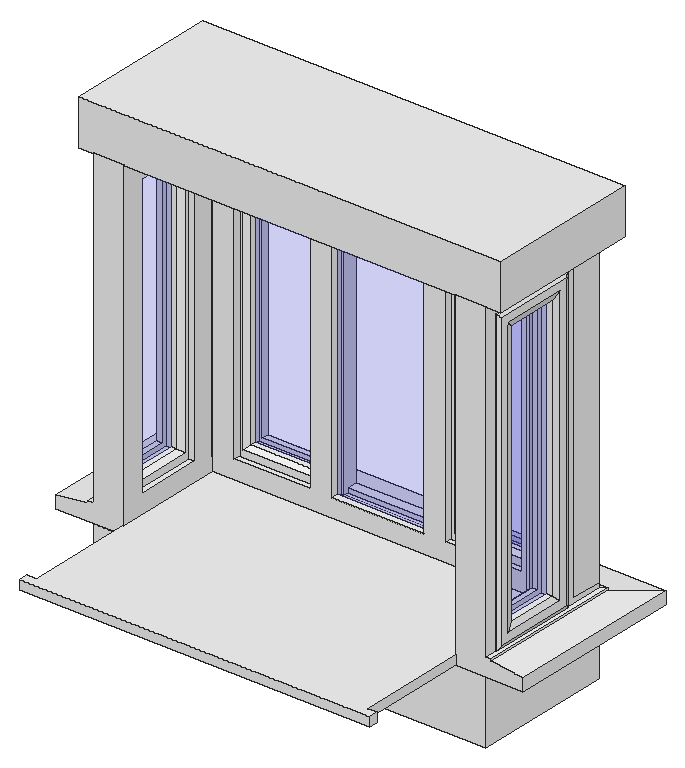
Revit family "243c68b0469945b185e5a35e247ffb0b", category Windows, host Wall, Revit 2025
Family settings
  Host = Wall
  Always vertical = Yes
  Cut with Voids When Loaded = No
  Shared = No
  Room Calculation Point = No
Parameters (values of type "910x910mm")
  Wrap Layers (Ext) from Ext = 102.5 mm
  Wrap Layers (Int) from Ext = 177.5 mm
  Window Board Projection = 25.0 mm
  Window Board Extention = 25.0 mm
  Visual Light Transmittance = 0.9
  Vis - Cavity Closers = yes
  Solar Heat Gain Coefficient = 0.78
  Rough Width = Width  # 910.0 mm
  Rough Height = Height  # 910.0 mm
  Roof Thickness = 125.0 mm
  Roof Overhang = 40.0 mm
  Plinth Thickness = 175.0 mm
  Operation = "UserDefined"
  Define Thermal Properties by = Schematic Type
  Construction Type Id = "GSP4R"
  Material Trim = Window Frame
  Material Glass = Glass
  Material Frame = Window Frame
  Manufacturer = "Revit"
  Keynote = "L10"
  Height = 910.0 mm
  Wall Closure = By host
  Width = 910.0 mm
  Heat Transfer Coefficient (U) = 3.6886 W/(m²·K)
  Glazing Thickness = 24.0 mm
  Frame Depth = 65.0 mm
  Default Head Height = 2110.0 mm
  Cill Depth = 87.5 mm
  Cavity Closer Width = 50.0 mm
  Cavity Closer Offset from Ext = 102.5 mm
  Cavity Closer Depth = 85.0 mm
  Bay Depth = Width / 3  # 303.333 mm
  Analytic Construction = "1/8 in Pilkington single glazing"
Types (7, lengths in mm): name | Rough Width | Rough Height | Height | Width | Bay Depth
  (no name) | 910.0 | 910.0 | 910.0 | 910.0 | 303.333
  910x910mm | 910.0 | 910.0 | 910.0 | 910.0 | 303.333
  910x1210mm | 910.0 | 1210.0 | 1210.0 | 910.0 | 303.333
  1360x910mm | 1360.0 | 910.0 | 910.0 | 1360.0 | 453.333
  1360x1210mm | 1360.0 | 1210.0 | 1210.0 | 1360.0 | 453.333
  1810x910mm | 1810.0 | 910.0 | 910.0 | 1810.0 | 603.333
  1810x1210mm | 1810.0 | 1210.0 | 1210.0 | 1810.0 | 603.333
Reference planes
  plane 1: y = 0
  plane 2 "Center (Left/Right)": x = -570
  plane 3 "Left": x = -1025
  plane 4 "Right": x = -115
  plane 5 "Cill": z = 1200
  plane 6 "Head": z = 2110
  plane 7 "Exterior": y = 158.457
  plane 8 "Interior": y = -141.543
  plane 9 "Wall Closure": y = 55.957
  plane 10 "Front Window Board": y = -166.543
  plane 11 "RHS Window Board": x = -90
  plane 12 "LHS Window Board": x = -1050
  plane 13 "LHS Scot Closing": x = -1455
  plane 14 "RHS Scot Closing": x = 315
  plane 15 "Ext Leaf Back": y = 55.957
  plane 16 "Top Scot Closing": z = 2110
  plane 17: y = 461.79
  plane 18: x = -721.667
  plane 19: x = -418.333
  plane 20: y = -19.043
Forms (mm)
  Extrusion 1, solid, material "Window Frame" <- "Material Trim"
    sketch origin (0, 0, 1200) x (0, -1, 0) y (-1, 0, 0)
      loop
        line (141.543, 1050) -> (141.543, 1025) -> (-461.79, 1025) -> (-461.79, 115) -> (141.543, 115) -> (141.543, 90) -> (166.543, 90) -> (166.543, 1050) -> (141.543, 1050)
    from 0 to -25
  Sweep 2, solid, material "Window Frame" <- "Material Frame"
    path origin (0, 0, 1200) x (0, -1, 0) y (1, 0, 0)
      loop
        line (-158.457, -1025) -> (-461.79, -1025) -> (-461.79, -115) -> (-158.457, -115)
    profile origin (0, 310.123, 0) x (-1, 0, 0) y (0, 0, 1)
      loop
        line (1025, 1200) -> (1210.5, 1200) -> (1210.5, 1233.809) -> (1123, 1244.745) -> (1123, 1249.688) -> (1108, 1251) -> (1108, 1263) -> (1043, 1263) -> (1043, 1275) -> (1025, 1275) -> (1025, 1200)
  Extrusion 3, solid, material "Window Frame" <- "Material Frame"
    sketch origin (0, 0, 1200) x (0, -1, 0) y (-1, 0, 0)
      loop
        line (-544.79, 1108) -> (-544.79, 1025) -> (-461.79, 1025) -> (-461.79, 1108) -> (-544.79, 1108)
      loop
        line (-544.79, 32) -> (-461.79, 32) -> (-461.79, 115) -> (-544.79, 115) -> (-544.79, 32)
    from -63 to -910
  Sweep 4, solid, material "Window Frame" <- "Material Frame"
    path origin (-1025, 0, 0) x (0, -1, 0) y (0, 0, 1)
      loop
        line (-461.79, 1263) -> (-461.79, 2110) -> (-158.457, 2110) -> (-158.457, 1263)
    profile origin (0, 0, 1686.5) x (-1, 0, 0) y (0, -1, 0)
      loop
        line (1025, -158.457) -> (1025, -218.457) -> (1043, -218.457) -> (1043, -198.457) -> (1108, -198.457) -> (1108, -158.457) -> (1025, -158.457)
  Sweep 5, solid, material "Window Frame" <- "Material Frame"
    path origin (0, 461.79, 0) x (1, 0, 0) y (0, 0, 1)
      loop
        line (-115, 1263) -> (-115, 2110) -> (-1025, 2110) -> (-1025, 1263)
    profile origin (0, 0, 1686.5) x (-1, 0, 0) y (0, -1, 0)
      loop
        line (115, -461.79) -> (115, -544.79) -> (155, -544.79) -> (155, -479.79) -> (175, -479.79) -> (175, -461.79) -> (115, -461.79)
  Sweep 6, solid, material "Window Frame" <- "Material Frame"
    path origin (-115, 0, 0) x (0, -1, 0) y (0, 0, 1)
      loop
        line (-158.457, 1263) -> (-158.457, 2110) -> (-461.79, 2110) -> (-461.79, 1263)
    profile origin (0, 0, 1686.5) x (0, 1, 0) y (-1, 0, 0)
      loop
        line (158.457, 115) -> (158.457, 32) -> (198.457, 32) -> (198.457, 97) -> (218.457, 97) -> (218.457, 115) -> (158.457, 115)
  Sweep 7, solid, material "Window Frame" <- "Material Frame"
    path origin (-1108, 544.79, 1263) x (1, 0, 0) y (0, 0, -1)
      loop
        line (953, 0) -> (704.667, 0) -> (704.667, -807) -> (953, -807) -> (953, 0)
    profile origin (0, 0, 1666.5) x (0, 1, 0) y (-1, 0, 0)
      loop
        line (544.79, 145) -> (550.563, 145) -> (556.337, 155.785) -> (556.337, 177.554) -> (550.563, 195) -> (532.79, 195) -> (532.79, 185) -> (508.79, 185) -> (508.79, 195) -> (494.283, 195) -> (479.79, 184.852) -> (479.79, 155) -> (544.79, 155) -> (544.79, 145)
  Sweep 8, solid, material "Window Frame" <- "Material Frame"
    path origin (-32, 544.79, 1263) x (0, -1, 0) y (0, 0, -1)
      loop
        line (346.333, -807) -> (346.333, 0) -> (123, 0) -> (123, -807) -> (346.333, -807)
    profile origin (0, 0, 1666.5) x (0, -1, 0) y (1, 0, 0)
      loop
        line (-188.457, -32) -> (-188.457, -26.226) -> (-199.241, -20.453) -> (-221.011, -20.453) -> (-238.457, -26.226) -> (-238.457, -44) -> (-228.457, -44) -> (-228.457, -68) -> (-238.457, -68) -> (-238.457, -82.507) -> (-228.309, -97) -> (-198.457, -97) -> (-198.457, -32) -> (-188.457, -32)
  Sweep 9, solid, material "Window Frame" <- "Material Frame"
    path origin (-1108, 421.79, 2070) x (0, -1, 0) y (0, 0, 1)
      loop
        line (0, 0) -> (0, -807) -> (223.333, -807) -> (223.333, 0) -> (0, 0)
    profile origin (0, 0, 1666.5) x (-1, 0, 0) y (0, -1, 0)
      loop
        line (1108, -188.457) -> (1108, -198.457) -> (1043, -198.457) -> (1043, -228.309) -> (1057.493, -238.457) -> (1072, -238.457) -> (1072, -228.457) -> (1096, -228.457) -> (1096, -238.457) -> (1113.774, -238.457) -> (1119.547, -221.011) -> (1119.547, -199.241) -> (1113.774, -188.457) -> (1108, -188.457)
  Extrusion 10, solid, material "Window Frame" <- "Material Frame"
    sketch origin (-115, 544.79, 2110) x (-1, 0, 0) y (0, -1, 0)
      loop
        line (1033, -40) -> (1033, 386.333) -> (-123, 386.333) -> (-123, -40) -> (1033, -40)
    from 0 to 125
  Extrusion 11, solid, material "Window Frame" <- "Material Frame"
    sketch origin (-1210.5, 158.457, 1200) x (1, 0, 0) y (0, -1, 0)
      loop
        line (1178.5, -386.333) -> (1178.5, 0) -> (102.5, 0) -> (102.5, -386.333) -> (1178.5, -386.333)
    from 0 to 175
  Extrusion 12, solid, material "Window Frame" <- "Material Frame"
    sketch origin (-44, 381.79, 1303) x (0, -1, 0) y (1, 0, 0)
      loop
        line (-80, -399.333) -> (-80, -341.333) -> (-98, -341.333) -> (-98, -359.333) -> (-163, -359.333) -> (-163, -399.333) -> (-122, -399.333) -> (-122, -389.333) -> (-98, -389.333) -> (-98, -399.333) -> (-80, -399.333)
    from -40 to 767
  Extrusion 13, solid, material "Window Frame" <- "Material Frame"
    sketch origin (-204, 963.457, 1163) x (0, -1, 0) y (1, 0, 0)
      loop
        line (501.667, -492.667) -> (483.667, -492.667) -> (483.667, -502.667) -> (459.667, -502.667) -> (459.667, -492.667) -> (418.667, -492.667) -> (418.667, -532.667) -> (483.667, -532.667) -> (483.667, -550.667) -> (501.667, -550.667) -> (501.667, -492.667)
    from 100 to 907
  Extrusion 14, solid, material "Window Frame" <- "Material Frame"
    sketch origin (-418.333, 0, -6.441) x (0, -1, 0) y (0, 0, 1)
      loop
        line (-544.79, 1281.441) -> (-544.79, 1269.441) -> (-515.79, 1269.441) -> (-515.79, 1281.441) -> (-544.79, 1281.441)
      loop
        line (-544.79, 2076.441) -> (-544.79, 2056.441) -> (-503.79, 2056.441) -> (-503.79, 2076.441) -> (-544.79, 2076.441)
    from 25 to 278.333
  Extrusion 15, solid, material "Glass" <- "Material Glass"
    sketch origin (-1096, 391.79, 2040) x (0, -1, 0) y (0, 0, -1)
      loop
        line (0, 0) -> (163.333, 0) -> (163.333, 747) -> (0, 747) -> (0, 0)
    from 0 to 24 <- "Glazing Thickness"
  Extrusion 16, solid, material "Glass" <- "Material Glass"
    sketch origin (-44, 228.457, 2040) x (0, 1, 0) y (0, 0, -1)
      loop
        line (0, 0) -> (163.333, 0) -> (163.333, 747) -> (0, 747) -> (0, 0)
    from 0 to 24 <- "Glazing Thickness"
  Extrusion 17, solid, material "Glass" <- "Material Glass"
    sketch origin (-195, 532.79, 1303) x (-1, 0, 0) y (0, 0, -1)
      loop
        line (-10, -737) -> (178.333, -737) -> (178.333, 10) -> (-10, 10) -> (-10, -737)
      loop
        line (571.667, 10) -> (571.667, -737) -> (760, -737) -> (760, 10) -> (571.667, 10)
    from 0 to 24 <- "Glazing Thickness"
  Extrusion 18, solid, material "Glass" <- "Material Glass"
    sketch origin (-1043, 479.79, 1275) x (1, 0, 0) y (0, 0, -1)
      loop
        line (609.667, -795) -> (609.667, 12) -> (336.333, 12) -> (336.333, -795) -> (609.667, -795)
    from 0 to 24 <- "Glazing Thickness"
  Sweep 19, solid, material "Window Frame" <- "Material Frame"
    path origin (-1108, 544.79, 1025) x (0, 0, 1) y (1, 0, 0)
      loop
        line (1045, 371.333) -> (238, 371.333) -> (238, 123) -> (1045, 123) -> (1045, 371.333)
    profile origin (-985, 544.79, 1666.5) x (0, 1, 0) y (-1, 0, 0)
      loop
        line (0, 10) -> (0, 0) -> (-65, 0) -> (-65, -29.852) -> (-50.507, -40) -> (-36, -40) -> (-36, -30) -> (-12, -30) -> (-12, -40) -> (5.774, -40) -> (11.547, -22.554) -> (11.547, -0.785) -> (5.774, 10) -> (0, 10)
Cuts and joins
  joined: Sweep 2, Sweep 4, Sweep 5, Sweep 6, Extrusion 12, Extrusion 13, Extrusion 14
Lines and regions (mm)
  Opening 1
    outline origin (-5000, -141.543, 0) x (1, 0, 0) y (0, 0, 1)
      loop
        line (4885, 2110) -> (3975, 2110) -> (3975, 1200) -> (4885, 1200) -> (4885, 2110)
  Masking region 1
    outline origin (0, 0, 1200) x (0, -1, 0) y (1, 0, 0)
      loop
        line (-647.29, -1210.5) -> (-158.457, -1210.5) -> (-158.457, -1025) -> (141.543, -1025) -> (141.543, -1050) -> (166.543, -1050) -> (166.543, -90) -> (141.543, -90) -> (141.543, -115) -> (-158.457, -115) -> (-158.457, 70.5) -> (-647.29, 70.5) -> (-647.29, -1210.5)
  symbolic lines, style "Elevation Swing", detail levels coarse
    curve 1: line (-1025, 108.457, 0) -> (-1025, 25.457, 0)
    curve 2: line (-115, 25.457, 0) -> (-115, 108.457, 0)
  symbolic lines, style "Cavity Closer", visible <- "Vis - Cavity Closers", detail levels medium+fine
    curve 3: line (-1025, 55.957, 0) -> (-1075, 55.957, 0)
    curve 4: line (-1025, -29.043, 0) -> (-1025, 55.957, 0)
    curve 5: line (-1075, -29.043, 0) -> (-1025, -29.043, 0)
    curve 6: line (-1075, 55.957, 0) -> (-1075, -29.043, 0)
    curve 7: line (-1025, -29.043, 0) -> (-1075, 55.957, 0)
    curve 8: line (-1075, -29.043, 0) -> (-1025, 55.957, 0)
    curve 9: line (-115, 55.957, 0) -> (-65, 55.957, 0)
    curve 10: line (-115, -29.043, 0) -> (-115, 55.957, 0)
    curve 11: line (-65, -29.043, 0) -> (-115, -29.043, 0)
    curve 12: line (-65, 55.957, 0) -> (-65, -29.043, 0)
    curve 13: line (-115, -29.043, 0) -> (-65, 55.957, 0)
    curve 14: line (-65, -29.043, 0) -> (-115, 55.957, 0)
  symbolic lines
    curve 15: line (-1210.5, 647.29, 0) -> (-1210.5, 158.457, 0)
    curve 16: line (70.5, 647.29, 0) -> (-1210.5, 647.29, 0)
    curve 17: line (70.5, 158.457, 0) -> (70.5, 647.29, 0)
    curve 18: line (-1123, 559.79, 0) -> (-1123, 158.457, 0)
    curve 19: line (-17, 559.79, 0) -> (-1123, 559.79, 0)
    curve 20: line (-17, 158.457, 0) -> (-17, 559.79, 0)
    curve 21: line (-1025, 461.79, 0) -> (-115, 461.79, 0)
    curve 22: line (-1025, 158.457, 0) -> (-1025, 461.79, 0)
    curve 23: line (-115, 461.79, 0) -> (-115, 158.457, 0)
    curve 24: line (-1025, 559.79, 0) -> (-1025, 461.79, 0)
    curve 25: line (-1025, 461.79, 0) -> (-1123, 461.79, 0)
    curve 26: line (-1025, 421.79, 0) -> (-1123, 421.79, 0)
    curve 27: line (-1123, 198.457, 0) -> (-1025, 198.457, 0)
    curve 28: line (-1072, 198.457, 0) -> (-1072, 421.79, 0)
    curve 29: line (-115, 461.79, 0) -> (-115, 559.79, 0)
    curve 30: line (-17, 461.79, 0) -> (-115, 461.79, 0)
    curve 31: line (-17, 421.79, 0) -> (-115, 421.79, 0)
    curve 32: line (-115, 198.457, 0) -> (-17, 198.457, 0)
    curve 33: line (-68, 421.79, 0) -> (-68, 198.457, 0)
    curve 34: line (-155, 461.79, 0) -> (-155, 559.79, 0)
    curve 35: line (-403.333, 508.79, 0) -> (-155, 508.79, 0)
    curve 36: line (-403.333, 559.79, 0) -> (-403.333, 461.79, 0)
    curve 37: line (-736.667, 559.79, 0) -> (-736.667, 461.79, 0)
    curve 38: line (-985, 559.79, 0) -> (-985, 461.79, 0)
    curve 39: line (-736.667, 503.79, 0) -> (-985, 503.79, 0)
    curve 46: line (-696.667, 461.79, 0) -> (-696.667, 559.79, 0)
    curve 47: line (-443.333, 508.79, 0) -> (-696.667, 508.79, 0)
    curve 48: line (-443.333, 559.79, 0) -> (-443.333, 461.79, 0)
  symbolic lines, style "Elevation Swing"
    curve 40: line (0, 431.79, 2080) -> (0, 188.457, 1666.5)
    curve 41: line (0, 188.457, 1666.5) -> (0, 431.79, 1253)
    curve 42: line (-413.333, 0, 2080) -> (-145, 0, 1666.5)
    curve 43: line (-145, 0, 1666.5) -> (-413.333, 0, 1253)
    curve 44: line (-726.667, 0, 2080) -> (-985.177, 0, 1666.5)
    curve 45: line (-985.177, 0, 1666.5) -> (-726.667, 0, 1253)
Text (mm)
  text "EXTERIOR" at (-1415.209, 454.062, 0), in view "Ref. Level"
  text "INTERIOR" at (-1415.209, -367.981, 0), in view "Ref. Level"
  text "Exterior" at (0, 923.751, 2943.296), in view "Right"
  text "Exterior" at (0, 1040.484, 2685.409), in view "Left"
Dimensions and locks
  equal spacing: plane 3 "Left", plane 2 "Center (Left/Right)", plane 4 "Right"
  "Width": plane 3 "Left" to plane 4 "Right"
  "Height": plane 5 "Cill" to plane 6 "Head"
  "Default Head Height": plane 6 "Head" to level
  locked: plane 7 "Exterior" to host wall
  locked: plane 8 "Interior" to host wall
  "Window Board Projection": plane 10 "Front Window Board" to plane 8 "Interior"
  "Window Board Extention": plane 12 "LHS Window Board" to plane 3 "Left"
  "Window Board Extention": plane 4 "Right" to plane 11 "RHS Window Board"
  "Cavity Closer Offset from Ext": plane 15 "Ext Leaf Back" to plane 7 "Exterior"
  "Cavity Closer Depth": curve 3 to curve 5
  "Cavity Closer Width": curve 6 to plane 3 "Left"
  "Cavity Closer Depth": curve 9 to curve 11
  "Cavity Closer Width": plane 4 "Right" to curve 12
  "Bay Depth": plane 7 "Exterior" to plane 17
  locked: Sweep 2 sketch curve to Sweep 2 sketch curve at 18
  "Frame Depth": Sweep 2 sketch curve to Sweep 2 sketch curve
  locked: Sweep 2 sketch curve to Sweep 2 sketch curve at 15
  "Cill Depth": Sweep 2 sketch curve to Sweep 2 sketch curve
  locked: Sweep 4 sketch curve to Sweep 4 sketch curve at 20
  locked: Sweep 4 sketch curve to Sweep 4 sketch curve at 40
  locked: Sweep 5 sketch curve to Sweep 5 sketch curve at 20
  locked: Sweep 6 sketch curve to Sweep 6 sketch curve at 20
  locked: Sweep 6 sketch curve to profile plane at 40
  equal spacing: Sweep 7 sketch curve, Sweep 7 sketch curve, Sweep 5
  locked: Sweep 7 sketch curve to Sweep 7 sketch curve at 17.774
  locked: Sweep 7 sketch curve to Sweep 7 sketch curve at 5.774
  "Glazing Thickness": Sweep 7 sketch curve to Sweep 7 sketch curve
  locked: Sweep 7 sketch curve to Sweep 7 sketch curve at 10
  equal spacing: Sweep 6, Sweep 8 sketch curve, Sweep 8 sketch curve
  locked: Sweep 8 sketch curve to Sweep 8 sketch curve at 5.774
  locked: Sweep 8 sketch curve to Sweep 8 sketch curve at 17.774
  "Glazing Thickness": Sweep 8 sketch curve to Sweep 8 sketch curve
  locked: Sweep 8 sketch curve to Sweep 8 sketch curve at 10
  equal spacing: Sweep 9 sketch curve, Sweep 9 sketch curve, Sweep 4
  locked: Sweep 9 sketch curve to Sweep 9 sketch curve at 11.547
  locked: Sweep 9 sketch curve to Sweep 9 sketch curve at 5.774
  locked: Sweep 9 sketch curve to Sweep 9 sketch curve at 17.774
  "Glazing Thickness": Sweep 9 sketch curve to Sweep 9 sketch curve
  locked: Sweep 9 sketch curve to Sweep 9 sketch curve at 10
  "Roof Overhang": Extrusion 10 sketch curve to Extrusion 3  (x2)
  "Roof Thickness": plane 6 "Head" to Extrusion 10
  "Roof Overhang": Extrusion 3 to Extrusion 10 sketch curve
  "Plinth Thickness": Extrusion 11 to plane 5 "Cill"
  equal spacing: Sweep 8, curve 41, Sweep 8
  equal spacing: Sweep 7, curve 43, Sweep 7
  equal spacing: plane 3 "Left", plane 18, plane 19, plane 4 "Right"
  locked: Extrusion 12 sketch curve to Extrusion 12 sketch curve at 10
  locked: Extrusion 12 sketch curve to Extrusion 12 sketch curve at 40
  locked: Extrusion 12 sketch curve to Extrusion 12 sketch curve at 18
  equal spacing: Extrusion 12 sketch curve, plane 19, Extrusion 12 sketch curve
  locked: Extrusion 13 sketch curve to Extrusion 13 sketch curve at 10
  locked: Extrusion 13 sketch curve to Extrusion 13 sketch curve at 40
  locked: Extrusion 13 sketch curve to Extrusion 13 sketch curve at 18
  "Glazing Thickness": Extrusion 13 sketch curve to Extrusion 13 sketch curve
  locked: plane 18 to Extrusion 13 sketch curve at 15
  locked: Sweep 19 sketch curve to Sweep 19 sketch curve at 17.774
  locked: Sweep 19 sketch curve to Sweep 19 sketch curve at 5.774
  "Glazing Thickness": Sweep 19 sketch curve to Sweep 19 sketch curve
  locked: Sweep 19 sketch curve to Sweep 19 sketch curve at 10
  locked: Extrusion 13 sketch curve to plane 18 at 15
  "Wrap Layers (Ext) from Ext": plane 9 "Wall Closure" to plane 7 "Exterior"
  "Wrap Layers (Int) from Ext": plane 20 to plane 7 "Exterior"
  locked: Sweep 8 sketch curve to profile plane at 30
  equal spacing: Sweep 19, curve 45, Sweep 19
  locked: Sweep 5 sketch curve to profile plane at 40
  aligned and locked: plane 3 "Left" to Extrusion 1 sketch curve
  aligned and locked: Extrusion 1 sketch curve to plane 8 "Interior"  (x2)
  aligned and locked: Extrusion 1 sketch curve to plane 11 "RHS Window Board"
  aligned and locked: Extrusion 1 to plane 10 "Front Window Board"
  aligned and locked: plane 12 "LHS Window Board" to Extrusion 1 sketch curve
  aligned and locked: plane 3 "Left" to nested 1
  aligned and locked: curve 4 to plane 3 "Left"
  aligned and locked: plane 4 "Right" to nested 2
  aligned and locked: curve 10 to plane 4 "Right"
  aligned and locked: plane 3 "Left" to Sweep 2 sketch curve
  aligned and locked: Sweep 2 to Extrusion 3 sketch curve  (x2)
  aligned and locked: Extrusion 3 sketch curve to Sweep 2  (x2)
  aligned and locked: Extrusion 3 to plane 6 "Head"
  aligned and locked: Extrusion 3 to Sweep 2
  aligned and locked: Sweep 4 sketch curve to Extrusion 3
  aligned and locked: Sweep 4 sketch curve to plane 7 "Exterior"
  aligned and locked: plane 6 "Head" to Sweep 4 sketch curve
  aligned and locked: Sweep 2 to Sweep 4 sketch curve
  aligned and locked: Sweep 4 sketch curve to plane 3 "Left"
  aligned and locked: Sweep 5 sketch curve to Sweep 2
  aligned and locked: Sweep 5 sketch curve to plane 17
  aligned and locked: Sweep 2 to Sweep 5 sketch curve  (x2)
  aligned and locked: plane 17 to Sweep 6 sketch curve
  aligned and locked: plane 16 "Top Scot Closing" to Sweep 6 sketch curve
  aligned and locked: Sweep 6 sketch curve to plane 7 "Exterior"
  aligned and locked: plane 4 "Right" to Sweep 6 sketch curve
  aligned and locked: Sweep 2 to Sweep 6 sketch curve  (x3)
  aligned and locked: plane 7 "Exterior" to Sweep 2 sketch curve  (x2)
  aligned and locked: plane 7 "Exterior" to Sweep 6 sketch curve
  aligned and locked: Sweep 7 sketch curve to Sweep 7 sketch curve
  aligned and locked: Sweep 7 sketch curve to Sweep 5  (x2)
  aligned and locked: Sweep 7 sketch curve to Sweep 2  (x3)
  aligned and locked: Sweep 8 sketch curve to Sweep 8 sketch curve
  aligned and locked: Sweep 6 to Sweep 8 sketch curve
  aligned and locked: Sweep 8 sketch curve to Sweep 6  (x2)
  aligned and locked: plane 7 "Exterior" to Sweep 4 sketch curve
  aligned and locked: Sweep 8 sketch curve to Sweep 2  (x2)
  aligned and locked: Sweep 4 to Sweep 9 sketch curve  (x3)
  aligned and locked: Sweep 9 sketch curve to Sweep 4  (x2)
  aligned and locked: Sweep 9 sketch curve to Sweep 9 sketch curve
  aligned and locked: Sweep 2 to Sweep 8 sketch curve
  aligned and locked: Sweep 9 sketch curve to Extrusion 3
  aligned and locked: Extrusion 10 sketch curve to plane 7 "Exterior"
  aligned and locked: curve 15 to Sweep 2
  aligned and locked: curve 16 to Sweep 2
  aligned and locked: curve 17 to Sweep 2
  aligned and locked: curve 18 to Sweep 2
  aligned and locked: curve 19 to Sweep 2
  aligned and locked: curve 20 to Sweep 2
  aligned and locked: curve 22 to Sweep 2
  aligned and locked: curve 23 to Sweep 2
  aligned and locked: curve 24 to Sweep 5
  aligned and locked: curve 25 to Sweep 4
  aligned and locked: curve 26 to Sweep 9
  aligned and locked: curve 27 to Sweep 9
  aligned and locked: curve 30 to Sweep 6
  aligned and locked: curve 31 to Sweep 8
  aligned and locked: curve 32 to Sweep 8
  aligned and locked: curve 34 to Sweep 7
  aligned and locked: curve 36 to Sweep 7
  aligned and locked: Extrusion 12 sketch curve to Extrusion 12 sketch curve  (x2)
  aligned and locked: Extrusion 12 sketch curve to plane 17
  aligned and locked: Sweep 7 sketch curve to Extrusion 12
  aligned and locked: Extrusion 14 to Sweep 2  (x2)
  aligned and locked: Extrusion 14 sketch curve to Extrusion 3
  aligned and locked: Extrusion 14 sketch curve to Sweep 7
  aligned and locked: Extrusion 14 sketch curve to Sweep 5
  aligned and locked: Extrusion 13 sketch curve to Extrusion 13 sketch curve
  aligned and locked: Sweep 2 to Extrusion 13 sketch curve  (x2)
  aligned and locked: Extrusion 14 to Extrusion 13  (x2)
  aligned and locked: Extrusion 12 to Extrusion 14
  aligned and locked: Extrusion 12 sketch curve to Sweep 2
  aligned and locked: curve 37 to cut or joined group of Sweep 2, Sweep 4, Sweep 5, Sweep 6, Extrusion 12, Extrusion 13, Extrusion 14
  aligned and locked: curve 46 to cut or joined group of Sweep 2, Sweep 4, Sweep 5, Sweep 6, Extrusion 12, Extrusion 13, Extrusion 14
  aligned and locked: curve 48 to cut or joined group of Sweep 2, Sweep 4, Sweep 5, Sweep 6, Extrusion 12, Extrusion 13, Extrusion 14
  aligned and locked: curve 35 to curve 47
  aligned and locked: plane 4 "Right" to Sweep 5 sketch curve
  aligned and locked: Sweep 5 sketch curve to plane 3 "Left"
  aligned and locked: plane 6 "Head" to Sweep 5 sketch curve
  aligned and locked: Sweep 2 sketch curve to plane 3 "Left"
  aligned and locked: plane 4 "Right" to Sweep 2 sketch curve
  aligned and locked: Sweep 2 sketch curve to plane 17
  aligned and locked: Sweep 19 sketch curve to Sweep 19 sketch curve
  aligned and locked: cut or joined group of Sweep 2, Sweep 4, Sweep 5, Sweep 6, Extrusion 12, Extrusion 13, Extrusion 14 to Sweep 19 sketch curve  (x4)
  aligned and locked: plane 15 "Ext Leaf Back" to nested 2
  aligned and locked: nested 1 to plane 15 "Ext Leaf Back"
  aligned and locked: Masking region 1 sketch curve to curve 15
  aligned and locked: Masking region 1 sketch curve to curve 17
  aligned and locked: Masking region 1 sketch curve to curve 16
  aligned and locked: Masking region 1 sketch curve to plane 7 "Exterior"
  aligned and locked: cut or joined group of Sweep 2, Sweep 4, Sweep 5, Sweep 6, Extrusion 12, Extrusion 13, Extrusion 14 to cut or joined group of Sweep 2, Sweep 4, Sweep 5, Sweep 6, Extrusion 12, Extrusion 13, Extrusion 14  (x3)
  aligned and locked: Sweep 19 sketch curve to cut or joined group of Sweep 2, Sweep 4, Sweep 5, Sweep 6, Extrusion 12, Extrusion 13, Extrusion 14
  aligned and locked: plane 3 "Left" to Masking region 1 sketch curve
  aligned and locked: Masking region 1 sketch curve to plane 4 "Right"
  aligned and locked: Masking region 1 sketch curve to plane 10 "Front Window Board"
  aligned and locked: Masking region 1 sketch curve to plane 11 "RHS Window Board"
  aligned and locked: plane 12 "LHS Window Board" to Masking region 1 sketch curve
  aligned and locked: plane 6 "Head" to plane 16 "Top Scot Closing"
Automatic sketch dimensions
  Extrusion 1 sketch curve to plane 4 "Right" = 0.0 mm
  Extrusion 1 sketch curve to plane 10 "Front Window Board" = 0.0 mm
  curve 2 to plane 4 "Right" = 0.0 mm
  plane 5 "Cill" to Sweep 2 sketch curve = 0.0 mm
  Sweep 2 sketch curve to plane 5 "Cill" = 33.809 mm
  Sweep 2 sketch curve to plane 5 "Cill" = 44.745 mm
  Sweep 2 sketch curve to Sweep 2 sketch curve = 4.943 mm
  Sweep 2 sketch curve to Sweep 2 sketch curve = 1.312 mm
  Sweep 2 sketch curve to plane 5 "Cill" = 63.0 mm
  Sweep 2 sketch curve to Sweep 2 sketch curve = 12.0 mm
  Extrusion 3 sketch curve to plane 4 "Right" = 0.0 mm
  Extrusion 3 sketch curve to plane 17 = 0.0 mm  (x2)
  Extrusion 3 sketch curve to plane 3 "Left" = 0.0 mm
  plane 3 "Left" to Sweep 4 sketch curve = 18.0 mm
  Sweep 5 sketch curve to profile plane = 0.0 mm
  Sweep 6 sketch curve to plane 4 "Right" = 18.0 mm
  curve 2 to host wall = 17.0 mm
  Sweep 7 sketch curve to profile plane = 0.0 mm
  Sweep 7 sketch curve to Sweep 7 sketch curve = 14.507 mm
  profile plane to Sweep 7 sketch curve = 5.774 mm
  Sweep 7 sketch curve to profile plane = 0.785 mm
  profile plane to Sweep 7 sketch curve = 10.0 mm
  Sweep 7 sketch curve to Sweep 7 sketch curve = 21.77 mm
  Sweep 7 sketch curve to profile plane = 29.852 mm
  Sweep 7 sketch curve to Sweep 7 sketch curve = 0.148 mm
  Sweep 8 sketch curve to profile plane = 0.0 mm
  profile plane to Sweep 8 sketch curve = 0.785 mm
  profile plane to Sweep 8 sketch curve = 29.852 mm
  Sweep 8 sketch curve to Sweep 8 sketch curve = 7.446 mm
  Sweep 8 sketch curve to Sweep 8 sketch curve = 10.0 mm
  Sweep 8 sketch curve to Sweep 8 sketch curve = 14.507 mm
  profile plane to Sweep 8 sketch curve = 5.774 mm
  Sweep 9 sketch curve to profile plane = 0.0 mm
  Sweep 9 sketch curve to Sweep 9 sketch curve = 14.507 mm
  profile plane to Sweep 9 sketch curve = 0.785 mm
  Sweep 9 sketch curve to Sweep 9 sketch curve = 21.77 mm
  Sweep 9 sketch curve to Sweep 9 sketch curve = 29.852 mm
  Sweep 9 sketch curve to Sweep 9 sketch curve = 7.446 mm
  Sweep 9 sketch curve to profile plane = 10.0 mm
  Sweep 4 sketch curve to plane 5 "Cill" = 63.0 mm  (x2)
  Extrusion 11 sketch curve to host wall = 0.0 mm
  plane 12 "LHS Window Board" to Extrusion 11 sketch curve = 58.0 mm
  Extrusion 11 sketch curve to plane 11 "RHS Window Board" = 58.0 mm
  Extrusion 11 sketch curve to plane 17 = 83.0 mm
  curve 15 to host wall = 0.0 mm
  curve 17 to host wall = 0.0 mm
  curve 18 to host wall = 0.0 mm
  curve 20 to host wall = 0.0 mm
  curve 22 to host wall = 0.0 mm
  curve 23 to host wall = 0.0 mm
  curve 1 to plane 3 "Left" = 0.0 mm
  curve 1 to host wall = 17.0 mm
  Extrusion 1 sketch curve to plane 17 = 0.0 mm
  curve 2 to curve 23 = 50.0 mm
  curve 1 to curve 22 = 50.0 mm
  plane 17 to curve 40 = 30.0 mm
  plane 6 "Head" to curve 40 = 30.0 mm
  Extrusion 12 sketch curve to Extrusion 12 sketch curve = 24.0 mm
  curve 38 to plane 3 "Left" = 40.0 mm
  Extrusion 12 sketch curve to Extrusion 12 sketch curve = 41.0 mm
  Extrusion 14 sketch curve to plane 17 = 83.0 mm
  Extrusion 14 sketch curve to Extrusion 14 sketch curve = 29.0 mm
  Extrusion 14 sketch curve to Extrusion 14 sketch curve = 41.0 mm
  Extrusion 14 sketch curve to plane 5 "Cill" = 63.0 mm
  Extrusion 14 sketch curve to Extrusion 14 sketch curve = 12.0 mm
  Extrusion 13 sketch curve to plane 17 = 0.0 mm
  curve 44 to plane 3 "Left" = 39.823 mm
  curve 39 to curve 47 = 5.0 mm
  plane 12 "LHS Window Board" to curve 28 = 22.0 mm
  plane 17 to Extrusion 15 sketch curve = 70.0 mm
  host wall to Extrusion 15 sketch curve = 70.0 mm
  plane 6 "Head" to Extrusion 15 sketch curve = 70.0 mm
  Extrusion 15 sketch curve to plane 5 "Cill" = 93.0 mm
  curve 39 to plane 17 = 42.0 mm
  curve 33 to plane 11 "RHS Window Board" = 22.0 mm
  host wall to Extrusion 16 sketch curve = 70.0 mm
  plane 17 to Extrusion 16 sketch curve = 70.0 mm
  plane 6 "Head" to Extrusion 16 sketch curve = 70.0 mm
  Extrusion 16 sketch curve to plane 5 "Cill" = 93.0 mm
  plane 4 "Right" to Extrusion 17 sketch curve = 70.0 mm
  Extrusion 17 sketch curve to plane 19 = 45.0 mm
  plane 18 to Extrusion 17 sketch curve = 45.0 mm
  Extrusion 17 sketch curve to plane 3 "Left" = 70.0 mm
  plane 6 "Head" to Extrusion 17 sketch curve = 70.0 mm  (x2)
  Extrusion 17 sketch curve to plane 5 "Cill" = 93.0 mm  (x2)
  Extrusion 18 sketch curve to plane 18 = 15.0 mm
  plane 19 to Extrusion 18 sketch curve = 15.0 mm
  plane 6 "Head" to Extrusion 18 sketch curve = 40.0 mm
  Extrusion 18 sketch curve to plane 5 "Cill" = 63.0 mm
  Sweep 5 sketch curve to plane 5 "Cill" = 63.0 mm
  plane 18 to curve 45 = 5.0 mm
  Sweep 19 sketch curve to profile plane = 0.0 mm  (x2)
  Sweep 19 sketch curve to profile plane = 12.0 mm
  Sweep 19 sketch curve to Sweep 19 sketch curve = 14.507 mm
  profile plane to Sweep 19 sketch curve = 5.774 mm
  profile plane to Sweep 19 sketch curve = 0.785 mm
  Sweep 19 sketch curve to Sweep 19 sketch curve = 21.77 mm
  Sweep 19 sketch curve to Sweep 19 sketch curve = 29.852 mm
  Sweep 19 sketch curve to Sweep 19 sketch curve = 7.446 mm
  Sweep 19 sketch curve to profile plane = 10.0 mm
  curve 14 to plane 15 "Ext Leaf Back" = 0.0 mm
  curve 8 to plane 15 "Ext Leaf Back" = 0.0 mm
  Opening 1 sketch curve to plane 3 "Left" = 0.0 mm
  Opening 1 sketch curve to plane 4 "Right" = 0.0 mm
  Opening 1 sketch curve to plane 5 "Cill" = 0.0 mm
  Opening 1 sketch curve to plane 6 "Head" = 0.0 mm
  plane 17 to curve 41 = 30.0 mm
  host wall to curve 41 = 30.0 mm
  curve 41 to plane 5 "Cill" = 53.0 mm
  curve 42 to plane 19 = 5.0 mm
  plane 6 "Head" to curve 42 = 30.0 mm
  plane 18 to curve 44 = 5.0 mm
  plane 6 "Head" to curve 44 = 30.0 mm
  curve 45 to plane 5 "Cill" = 53.0 mm
  curve 43 to plane 19 = 5.0 mm
  curve 43 to plane 5 "Cill" = 53.0 mm
  plane 4 "Right" to curve 43 = 30.0 mm
  Masking region 1 sketch curve to host wall = 0.0 mm
  host wall to Masking region 1 sketch curve = 0.0 mm  (x2)
Nested families
  nested 1: "Cavity Closer" at (-1075, 55.957, 0), visible <- "Vis - Cavity Closers", type "Cavity Closer", detail levels medium+fine
  nested 2: "Cavity Closer" at (-65, 55.957, 0) x (-1, 0, 0) z (0, 0, 1), visible <- "Vis - Cavity Closers", type "Cavity Closer", detail levels medium+fine
Definition of nested family "Cavity Closer"
  Parameters
    Closer Width = 50.0 mm
    Closer Depth = 75.0 mm
  Reference planes
    plane 1 "Center (Front/Back)": y = 0
    plane 2: z = 0
    plane 3 "Center (Left/Right)": x = 0
    plane 4: x = 50, in view "Ref. Level"
    plane 5: y = -75, in view "Ref. Level"
  Lines and regions (mm)
    Masking region 1, in view "Ref. Level"
      outline origin (0, 0, 0) x (1, 0, 0) y (0, 1, 0)
        loop
          line (0, 0) -> (0, -75) -> (50, -75) -> (50, 0) -> (0, 0)
  Dimensions and locks
    "Closer Width": plane 3 "Center (Left/Right)" to plane 4
    "Closer Depth": plane 5 to plane 1 "Center (Front/Back)"
  Automatic sketch dimensions
    Masking region 1 sketch curve to plane 3 "Center (Left/Right)" = 0.0 mm
    Masking region 1 sketch curve to plane 4 = 0.0 mm
    Masking region 1 sketch curve to plane 5 = 0.0 mm
    Masking region 1 sketch curve to plane 1 "Center (Front/Back)" = 0.0 mm
